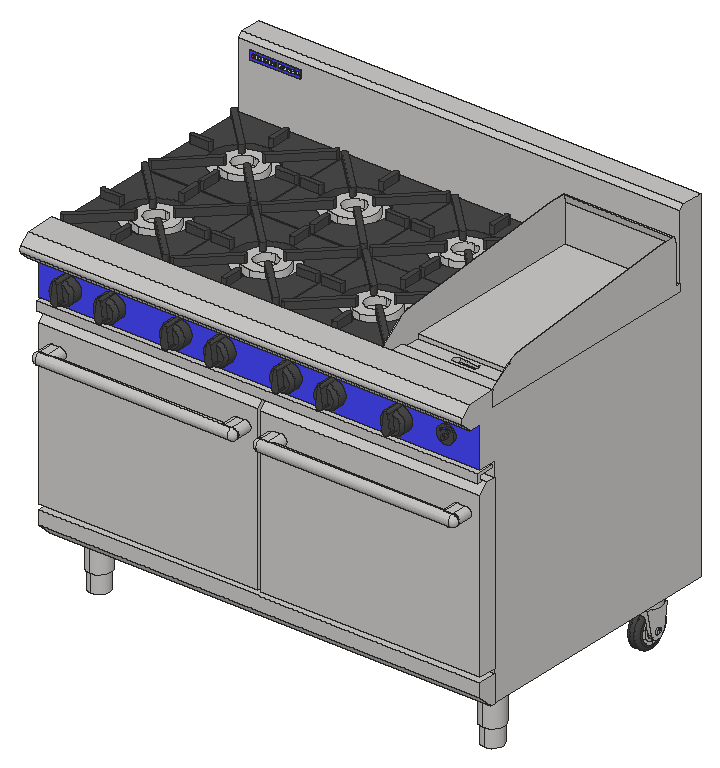
Revit family "QF_MOFFAT_BLUESEAL_CE_G528C", category Specialty Equipment, Revit 2012 (continued)
Definition of nested family "GAS BURNER 900 & GRIDDLE 300"
  Definition of nested family "GAS BURNER 900"
    Lines and regions (mm)
      symbolic lines
        curve 72: arc (4, -321.5, 0) -> (1.879, -322.379, 0) -> (1, -324.5, 0) r 3
        curve 73: line (1, -324.5, 0) -> (1, -632, 0)
        curve 74: arc (1, -632, 0) -> (1.879, -634.121, 0) -> (4, -635, 0) r 3
        curve 75: line (4, -635, 0) -> (296, -635, 0)
        curve 76: arc (296, -635, 0) -> (298.121, -634.121, 0) -> (299, -632, 0) r 3
        curve 77: line (299, -632, 0) -> (299, -324.5, 0)
        curve 78: arc (299, -324.5, 0) -> (298.121, -322.379, 0) -> (296, -321.5, 0) r 3
        curve 79: line (596, -321.5, 0) -> (304, -321.5, 0)
        curve 80: arc (304, -321.5, 0) -> (301.879, -322.379, 0) -> (301, -324.5, 0) r 3
        curve 81: line (301, -324.5, 0) -> (301, -632, 0)
        curve 82: arc (301, -632, 0) -> (301.879, -634.121, 0) -> (304, -635, 0) r 3
        curve 83: line (304, -635, 0) -> (596, -635, 0)
        curve 84: arc (596, -635, 0) -> (598.121, -634.121, 0) -> (599, -632, 0) r 3
        curve 85: line (599, -632, 0) -> (599, -324.5, 0)
        curve 86: arc (599, -324.5, 0) -> (598.121, -322.379, 0) -> (596, -321.5, 0) r 3
        curve 87: line (293.898, -304.847, 0) -> (185.975, -193.424, 0)
        curve 88: spline (185.975, -193.424, 0) -> (184.905, -192.663, 0) -> (183.601, -192.262, 0) -> (182.149, -192.249, 0) -> (180.65, -192.625, 0) -> (179.205, -193.363, 0) -> (177.914, -194.414, 0) -> (176.863, -195.705, 0) -> (176.125, -197.15, 0) -> (175.749, -198.649, 0) -> (175.762, -200.101, 0) -> (176.163, -201.405, 0) -> (176.924, -202.475, 0)
        curve 89: line (176.924, -202.475, 0) -> (284.847, -313.898, 0)
        curve 90: spline (284.847, -313.898, 0) -> (285.916, -314.659, 0) -> (287.221, -315.059, 0) -> (288.672, -315.072, 0) -> (290.171, -314.697, 0) -> (291.616, -313.959, 0) -> (292.908, -312.908, 0) -> (293.959, -311.616, 0) -> (294.697, -310.171, 0) -> (295.072, -308.672, 0) -> (295.059, -307.221, 0) -> (294.659, -305.916, 0) -> (293.898, -304.847, 0)
        curve 91: line (15.153, -313.898, 0) -> (123.076, -202.475, 0)
        curve 92: spline (123.076, -202.475, 0) -> (123.837, -201.405, 0) -> (124.238, -200.101, 0) -> (124.251, -198.649, 0) -> (123.875, -197.15, 0) -> (123.137, -195.705, 0) -> (122.086, -194.414, 0) -> (120.795, -193.363, 0) -> (119.35, -192.625, 0) -> (117.851, -192.249, 0) -> (116.399, -192.262, 0) -> (115.095, -192.663, 0) -> (114.025, -193.424, 0)
        curve 93: line (114.025, -193.424, 0) -> (6.102, -304.847, 0)
        curve 94: spline (6.102, -304.847, 0) -> (5.341, -305.916, 0) -> (4.941, -307.221, 0) -> (4.928, -308.672, 0) -> (5.303, -310.171, 0) -> (6.041, -311.616, 0) -> (7.092, -312.908, 0) -> (8.384, -313.959, 0) -> (9.829, -314.697, 0) -> (11.328, -315.072, 0) -> (12.779, -315.059, 0) -> (14.084, -314.659, 0) -> (15.153, -313.898, 0)
        curve 95: line (8.898, -172.9, 0) -> (58.102, -172.9, 0)
        curve 96: spline (58.102, -172.9, 0) -> (59.396, -172.682, 0) -> (60.602, -172.043, 0) -> (61.638, -171.025, 0) -> (62.432, -169.7, 0) -> (62.932, -168.156, 0) -> (63.102, -166.5, 0) -> (62.932, -164.844, 0) -> (62.432, -163.3, 0) -> (61.638, -161.975, 0) -> (60.602, -160.957, 0) -> (59.396, -160.318, 0) -> (58.102, -160.1, 0)
        curve 97: line (58.102, -160.1, 0) -> (8.898, -160.1, 0)
        curve 98: spline (8.898, -160.1, 0) -> (7.604, -160.318, 0) -> (6.398, -160.957, 0) -> (5.362, -161.975, 0) -> (4.568, -163.3, 0) -> (4.068, -164.844, 0) -> (3.898, -166.5, 0) -> (4.068, -168.156, 0) -> (4.568, -169.7, 0) -> (5.362, -171.025, 0) -> (6.398, -172.043, 0) -> (7.604, -172.682, 0) -> (8.898, -172.9, 0)
        curve 99: line (6.102, -31.653, 0) -> (114.025, -139.576, 0)
        curve 100: spline (114.025, -139.576, 0) -> (115.095, -140.337, 0) -> (116.399, -140.738, 0) -> (117.851, -140.751, 0) -> (119.35, -140.375, 0) -> (120.795, -139.637, 0) -> (122.086, -138.586, 0) -> (123.137, -137.295, 0) -> (123.875, -135.85, 0) -> (124.251, -134.351, 0) -> (124.238, -132.899, 0) -> (123.837, -131.595, 0) -> (123.076, -130.525, 0)
        curve 101: line (123.076, -130.525, 0) -> (15.153, -22.602, 0)
        curve 102: spline (15.153, -22.602, 0) -> (13.924, -21.681, 0) -> (12.47, -21.131, 0) -> (10.89, -20.99, 0) -> (9.292, -21.267, 0) -> (7.786, -21.943, 0) -> (6.473, -22.973, 0) -> (5.443, -24.286, 0) -> (4.767, -25.792, 0) -> (4.49, -27.39, 0) -> (4.631, -28.97, 0) -> (5.181, -30.424, 0) -> (6.102, -31.653, 0)
        curve 103: arc (150, -136.5, 0) -> (180, -166.5, 0) -> (150, -196.5, 0) r 30
        curve 104: arc (150, -196.5, 0) -> (120, -166.5, 0) -> (150, -136.5, 0) r 30
        curve 105: line (156.4, -311.102, 0) -> (156.4, -261.898, 0)
        curve 106: spline (156.4, -261.898, 0) -> (156.182, -260.604, 0) -> (155.543, -259.398, 0) -> (154.525, -258.362, 0) -> (153.2, -257.568, 0) -> (151.656, -257.068, 0) -> (150, -256.898, 0) -> (148.344, -257.068, 0) -> (146.8, -257.568, 0) -> (145.475, -258.362, 0) -> (144.457, -259.398, 0) -> (143.818, -260.604, 0) -> (143.6, -261.898, 0)
        curve 107: line (143.6, -261.898, 0) -> (143.6, -311.102, 0)
        curve 108: spline (143.6, -311.102, 0) -> (143.818, -312.396, 0) -> (144.457, -313.602, 0) -> (145.475, -314.638, 0) -> (146.8, -315.432, 0) -> (148.344, -315.932, 0) -> (150, -316.102, 0) -> (151.656, -315.932, 0) -> (153.2, -315.432, 0) -> (154.525, -314.638, 0) -> (155.543, -313.602, 0) -> (156.182, -312.396, 0) -> (156.4, -311.102, 0)
        curve 109: line (156.4, -378.102, 0) -> (156.4, -328.898, 0)
        curve 110: spline (156.4, -328.898, 0) -> (156.182, -327.604, 0) -> (155.543, -326.398, 0) -> (154.525, -325.362, 0) -> (153.2, -324.568, 0) -> (151.656, -324.068, 0) -> (150, -323.898, 0) -> (148.344, -324.068, 0) -> (146.8, -324.568, 0) -> (145.475, -325.362, 0) -> (144.457, -326.398, 0) -> (143.818, -327.604, 0) -> (143.6, -328.898, 0)
        curve 111: line (143.6, -328.898, 0) -> (143.6, -378.102, 0)
        curve 112: spline (143.6, -378.102, 0) -> (143.818, -379.396, 0) -> (144.457, -380.602, 0) -> (145.475, -381.638, 0) -> (146.8, -382.432, 0) -> (148.344, -382.932, 0) -> (150, -383.102, 0) -> (151.656, -382.932, 0) -> (153.2, -382.432, 0) -> (154.525, -381.638, 0) -> (155.543, -380.602, 0) -> (156.182, -379.396, 0) -> (156.4, -378.102, 0)
        curve 113: line (284.847, -326.102, 0) -> (176.924, -434.025, 0)
        curve 114: spline (176.924, -434.025, 0) -> (176.163, -435.095, 0) -> (175.762, -436.399, 0) -> (175.749, -437.851, 0) -> (176.125, -439.35, 0) -> (176.863, -440.795, 0) -> (177.914, -442.086, 0) -> (179.205, -443.137, 0) -> (180.65, -443.875, 0) -> (182.149, -444.251, 0) -> (183.601, -444.238, 0) -> (184.905, -443.837, 0) -> (185.975, -443.076, 0)
        curve 115: line (185.975, -443.076, 0) -> (293.898, -335.153, 0)
        curve 116: spline (293.898, -335.153, 0) -> (294.659, -334.084, 0) -> (295.059, -332.779, 0) -> (295.072, -331.328, 0) -> (294.697, -329.829, 0) -> (293.959, -328.384, 0) -> (292.908, -327.092, 0) -> (291.616, -326.041, 0) -> (290.171, -325.303, 0) -> (288.672, -324.928, 0) -> (287.221, -324.941, 0) -> (285.916, -325.341, 0) -> (284.847, -326.102, 0)
        curve 117: line (123.076, -434.025, 0) -> (15.153, -326.102, 0)
        curve 118: spline (15.153, -326.102, 0) -> (13.924, -325.181, 0) -> (12.47, -324.631, 0) -> (10.89, -324.49, 0) -> (9.292, -324.767, 0) -> (7.786, -325.443, 0) -> (6.473, -326.473, 0) -> (5.443, -327.786, 0) -> (4.767, -329.292, 0) -> (4.49, -330.89, 0) -> (4.631, -332.47, 0) -> (5.181, -333.924, 0) -> (6.102, -335.153, 0)
        curve 119: line (6.102, -335.153, 0) -> (114.025, -443.076, 0)
        curve 120: spline (114.025, -443.076, 0) -> (115.095, -443.837, 0) -> (116.399, -444.238, 0) -> (117.851, -444.251, 0) -> (119.35, -443.875, 0) -> (120.795, -443.137, 0) -> (122.086, -442.086, 0) -> (123.137, -440.795, 0) -> (123.875, -439.35, 0) -> (124.251, -437.851, 0) -> (124.238, -436.399, 0) -> (123.837, -435.095, 0) -> (123.076, -434.025, 0)
        curve 121: line (58.102, -463.6, 0) -> (8.898, -463.6, 0)
        curve 122: spline (8.898, -463.6, 0) -> (7.604, -463.818, 0) -> (6.398, -464.457, 0) -> (5.362, -465.475, 0) -> (4.568, -466.8, 0) -> (4.068, -468.344, 0) -> (3.898, -470, 0) -> (4.068, -471.656, 0) -> (4.568, -473.2, 0) -> (5.362, -474.525, 0) -> (6.398, -475.543, 0) -> (7.604, -476.182, 0) -> (8.898, -476.4, 0)
        curve 123: line (8.898, -476.4, 0) -> (58.102, -476.4, 0)
        curve 124: spline (58.102, -476.4, 0) -> (59.396, -476.182, 0) -> (60.602, -475.543, 0) -> (61.638, -474.525, 0) -> (62.432, -473.2, 0) -> (62.932, -471.656, 0) -> (63.102, -470, 0) -> (62.932, -468.344, 0) -> (62.432, -466.8, 0) -> (61.638, -465.475, 0) -> (60.602, -464.457, 0) -> (59.396, -463.818, 0) -> (58.102, -463.6, 0)
        curve 125: line (114.025, -496.924, 0) -> (6.102, -603.347, 0)
        curve 126: spline (6.102, -603.347, 0) -> (5.341, -604.416, 0) -> (4.941, -605.721, 0) -> (4.928, -607.172, 0) -> (5.303, -608.671, 0) -> (6.041, -610.116, 0) -> (7.092, -611.408, 0) -> (8.384, -612.459, 0) -> (9.829, -613.197, 0) -> (11.328, -613.572, 0) -> (12.779, -613.559, 0) -> (14.084, -613.159, 0) -> (15.153, -612.398, 0)
        curve 127: line (15.153, -612.398, 0) -> (123.076, -505.975, 0)
        curve 128: spline (123.076, -505.975, 0) -> (123.837, -504.905, 0) -> (124.238, -503.601, 0) -> (124.251, -502.149, 0) -> (123.875, -500.65, 0) -> (123.137, -499.205, 0) -> (122.086, -497.914, 0) -> (120.795, -496.863, 0) -> (119.35, -496.125, 0) -> (117.851, -495.749, 0) -> (116.399, -495.762, 0) -> (115.095, -496.163, 0) -> (114.025, -496.924, 0)
        curve 129: line (156.4, -609.602, 0) -> (156.4, -561.898, 0)
        curve 130: spline (156.4, -561.898, 0) -> (156.182, -560.604, 0) -> (155.543, -559.398, 0) -> (154.525, -558.362, 0) -> (153.2, -557.568, 0) -> (151.656, -557.068, 0) -> (150, -556.898, 0) -> (148.344, -557.068, 0) -> (146.8, -557.568, 0) -> (145.475, -558.362, 0) -> (144.457, -559.398, 0) -> (143.818, -560.604, 0) -> (143.6, -561.898, 0)
        curve 131: line (143.6, -561.898, 0) -> (143.6, -609.602, 0)
        curve 132: spline (143.6, -609.602, 0) -> (143.818, -610.896, 0) -> (144.457, -612.102, 0) -> (145.475, -613.138, 0) -> (146.8, -613.932, 0) -> (148.344, -614.432, 0) -> (150, -614.602, 0) -> (151.656, -614.432, 0) -> (153.2, -613.932, 0) -> (154.525, -613.138, 0) -> (155.543, -612.102, 0) -> (156.182, -610.896, 0) -> (156.4, -609.602, 0)
        curve 133: line (176.924, -505.975, 0) -> (284.847, -612.398, 0)
        curve 134: spline (284.847, -612.398, 0) -> (285.916, -613.159, 0) -> (287.221, -613.559, 0) -> (288.672, -613.572, 0) -> (290.171, -613.197, 0) -> (291.616, -612.459, 0) -> (292.908, -611.408, 0) -> (293.959, -610.116, 0) -> (294.697, -608.671, 0) -> (295.072, -607.172, 0) -> (295.059, -605.721, 0) -> (294.659, -604.416, 0) -> (293.898, -603.347, 0)
        curve 135: line (293.898, -603.347, 0) -> (185.975, -496.924, 0)
        curve 136: spline (185.975, -496.924, 0) -> (184.905, -496.163, 0) -> (183.601, -495.762, 0) -> (182.149, -495.749, 0) -> (180.65, -496.125, 0) -> (179.205, -496.863, 0) -> (177.914, -497.914, 0) -> (176.863, -499.205, 0) -> (176.125, -500.65, 0) -> (175.749, -502.149, 0) -> (175.762, -503.601, 0) -> (176.163, -504.905, 0) -> (176.924, -505.975, 0)
        curve 137: arc (149.991, -384.418, 0) -> (179.687, -389.836, 0) -> (205.556, -405.393, 0) r 84.082
        curve 138: arc (149.991, -552.582, 0) -> (121.173, -547.489, 0) -> (95.845, -532.827, 0) r 84.082
        curve 139: arc (150, -523.5, 0) -> (167.666, -520.693, 0) -> (183.592, -512.55, 0) r 57
        curve 140: arc (150, -409.5, 0) -> (130.014, -413.119, 0) -> (112.566, -423.515, 0) r 57
        curve 141: arc (150, -436.5, 0) -> (180, -466.5, 0) -> (150, -496.5, 0) r 30
        curve 142: arc (150, -496.5, 0) -> (120, -466.5, 0) -> (150, -436.5, 0) r 30
        curve 143: line (291.102, -463.6, 0) -> (241.898, -463.6, 0)
        curve 144: spline (241.898, -463.6, 0) -> (240.604, -463.818, 0) -> (239.398, -464.457, 0) -> (238.362, -465.475, 0) -> (237.568, -466.8, 0) -> (237.068, -468.344, 0) -> (236.898, -470, 0) -> (237.068, -471.656, 0) -> (237.568, -473.2, 0) -> (238.362, -474.525, 0) -> (239.398, -475.543, 0) -> (240.604, -476.182, 0) -> (241.898, -476.4, 0)
        curve 145: line (241.898, -476.4, 0) -> (291.102, -476.4, 0)
        curve 146: spline (291.102, -476.4, 0) -> (292.396, -476.182, 0) -> (293.602, -475.543, 0) -> (294.638, -474.525, 0) -> (295.432, -473.2, 0) -> (295.932, -471.656, 0) -> (296.102, -470, 0) -> (295.932, -468.344, 0) -> (295.432, -466.8, 0) -> (294.638, -465.475, 0) -> (293.602, -464.457, 0) -> (292.396, -463.818, 0) -> (291.102, -463.6, 0)
        curve 147: line (423.076, -434.025, 0) -> (315.153, -326.102, 0)
        curve 148: spline (315.153, -326.102, 0) -> (314.084, -325.341, 0) -> (312.779, -324.941, 0) -> (311.328, -324.928, 0) -> (309.829, -325.303, 0) -> (308.384, -326.041, 0) -> (307.092, -327.092, 0) -> (306.041, -328.384, 0) -> (305.303, -329.829, 0) -> (304.928, -331.328, 0) -> (304.941, -332.779, 0) -> (305.341, -334.084, 0) -> (306.102, -335.153, 0)
        curve 149: line (306.102, -335.153, 0) -> (414.025, -443.076, 0)
        curve 150: spline (414.025, -443.076, 0) -> (415.095, -443.837, 0) -> (416.399, -444.238, 0) -> (417.851, -444.251, 0) -> (419.35, -443.875, 0) -> (420.795, -443.137, 0) -> (422.086, -442.086, 0) -> (423.137, -440.795, 0) -> (423.875, -439.35, 0) -> (424.251, -437.851, 0) -> (424.238, -436.399, 0) -> (423.837, -435.095, 0) -> (423.076, -434.025, 0)
        curve 151: line (443.6, -328.898, 0) -> (443.6, -378.102, 0)
        curve 152: spline (443.6, -378.102, 0) -> (443.818, -379.396, 0) -> (444.457, -380.602, 0) -> (445.475, -381.638, 0) -> (446.8, -382.432, 0) -> (448.344, -382.932, 0) -> (450, -383.102, 0) -> (451.656, -382.932, 0) -> (453.2, -382.432, 0) -> (454.525, -381.638, 0) -> (455.543, -380.602, 0) -> (456.182, -379.396, 0) -> (456.4, -378.102, 0)
        curve 153: line (456.4, -378.102, 0) -> (456.4, -328.898, 0)
        curve 154: spline (456.4, -328.898, 0) -> (456.182, -327.604, 0) -> (455.543, -326.398, 0) -> (454.525, -325.362, 0) -> (453.2, -324.568, 0) -> (451.656, -324.068, 0) -> (450, -323.898, 0) -> (448.344, -324.068, 0) -> (446.8, -324.568, 0) -> (445.475, -325.362, 0) -> (444.457, -326.398, 0) -> (443.818, -327.604, 0) -> (443.6, -328.898, 0)
        curve 155: line (584.847, -326.102, 0) -> (476.924, -434.025, 0)
        curve 156: spline (476.924, -434.025, 0) -> (476.163, -435.095, 0) -> (475.762, -436.399, 0) -> (475.749, -437.851, 0) -> (476.125, -439.35, 0) -> (476.863, -440.795, 0) -> (477.914, -442.086, 0) -> (479.205, -443.137, 0) -> (480.65, -443.875, 0) -> (482.149, -444.251, 0) -> (483.601, -444.238, 0) -> (484.905, -443.837, 0) -> (485.975, -443.076, 0)
        curve 157: line (485.975, -443.076, 0) -> (593.898, -335.153, 0)
        curve 158: spline (593.898, -335.153, 0) -> (594.819, -333.924, 0) -> (595.369, -332.47, 0) -> (595.51, -330.89, 0) -> (595.233, -329.292, 0) -> (594.557, -327.786, 0) -> (593.527, -326.473, 0) -> (592.214, -325.443, 0) -> (590.708, -324.767, 0) -> (589.11, -324.49, 0) -> (587.53, -324.631, 0) -> (586.076, -325.181, 0) -> (584.847, -326.102, 0)
        curve 159: line (591.102, -463.6, 0) -> (541.898, -463.6, 0)
        curve 160: spline (541.898, -463.6, 0) -> (540.604, -463.818, 0) -> (539.398, -464.457, 0) -> (538.362, -465.475, 0) -> (537.568, -466.8, 0) -> (537.068, -468.344, 0) -> (536.898, -470, 0) -> (537.068, -471.656, 0) -> (537.568, -473.2, 0) -> (538.362, -474.525, 0) -> (539.398, -475.543, 0) -> (540.604, -476.182, 0) -> (541.898, -476.4, 0)
        curve 161: line (541.898, -476.4, 0) -> (591.102, -476.4, 0)
        curve 162: spline (591.102, -476.4, 0) -> (592.396, -476.182, 0) -> (593.602, -475.543, 0) -> (594.638, -474.525, 0) -> (595.432, -473.2, 0) -> (595.932, -471.656, 0) -> (596.102, -470, 0) -> (595.932, -468.344, 0) -> (595.432, -466.8, 0) -> (594.638, -465.475, 0) -> (593.602, -464.457, 0) -> (592.396, -463.818, 0) -> (591.102, -463.6, 0)
        curve 163: line (593.898, -603.347, 0) -> (485.975, -496.924, 0)
        curve 164: spline (485.975, -496.924, 0) -> (484.905, -496.163, 0) -> (483.601, -495.762, 0) -> (482.149, -495.749, 0) -> (480.65, -496.125, 0) -> (479.205, -496.863, 0) -> (477.914, -497.914, 0) -> (476.863, -499.205, 0) -> (476.125, -500.65, 0) -> (475.749, -502.149, 0) -> (475.762, -503.601, 0) -> (476.163, -504.905, 0) -> (476.924, -505.975, 0)
        curve 165: line (476.924, -505.975, 0) -> (584.847, -612.398, 0)
        curve 166: spline (584.847, -612.398, 0) -> (585.916, -613.159, 0) -> (587.221, -613.559, 0) -> (588.672, -613.572, 0) -> (590.171, -613.197, 0) -> (591.616, -612.459, 0) -> (592.908, -611.408, 0) -> (593.959, -610.116, 0) -> (594.697, -608.671, 0) -> (595.072, -607.172, 0) -> (595.059, -605.721, 0) -> (594.659, -604.416, 0) -> (593.898, -603.347, 0)
        curve 167: line (315.153, -612.398, 0) -> (423.076, -505.975, 0)
        curve 168: spline (423.076, -505.975, 0) -> (423.837, -504.905, 0) -> (424.238, -503.601, 0) -> (424.251, -502.149, 0) -> (423.875, -500.65, 0) -> (423.137, -499.205, 0) -> (422.086, -497.914, 0) -> (420.795, -496.863, 0) -> (419.35, -496.125, 0) -> (417.851, -495.749, 0) -> (416.399, -495.762, 0) -> (415.095, -496.163, 0) -> (414.025, -496.924, 0)
        curve 169: line (414.025, -496.924, 0) -> (306.102, -603.347, 0)
        curve 170: spline (306.102, -603.347, 0) -> (305.341, -604.416, 0) -> (304.941, -605.721, 0) -> (304.928, -607.172, 0) -> (305.303, -608.671, 0) -> (306.041, -610.116, 0) -> (307.092, -611.408, 0) -> (308.384, -612.459, 0) -> (309.829, -613.197, 0) -> (311.328, -613.572, 0) -> (312.779, -613.559, 0) -> (314.084, -613.159, 0) -> (315.153, -612.398, 0)
        curve 171: line (308.898, -476.4, 0) -> (358.102, -476.4, 0)
        curve 172: spline (358.102, -476.4, 0) -> (359.396, -476.182, 0) -> (360.602, -475.543, 0) -> (361.638, -474.525, 0) -> (362.432, -473.2, 0) -> (362.932, -471.656, 0) -> (363.102, -470, 0) -> (362.932, -468.344, 0) -> (362.432, -466.8, 0) -> (361.638, -465.475, 0) -> (360.602, -464.457, 0) -> (359.396, -463.818, 0) -> (358.102, -463.6, 0)
        curve 173: line (358.102, -463.6, 0) -> (308.898, -463.6, 0)
        curve 174: spline (308.898, -463.6, 0) -> (307.604, -463.818, 0) -> (306.398, -464.457, 0) -> (305.362, -465.475, 0) -> (304.568, -466.8, 0) -> (304.068, -468.344, 0) -> (303.898, -470, 0) -> (304.068, -471.656, 0) -> (304.568, -473.2, 0) -> (305.362, -474.525, 0) -> (306.398, -475.543, 0) -> (307.604, -476.182, 0) -> (308.898, -476.4, 0)
        curve 175: line (456.4, -609.602, 0) -> (456.4, -561.898, 0)
        curve 176: spline (456.4, -561.898, 0) -> (456.182, -560.604, 0) -> (455.543, -559.398, 0) -> (454.525, -558.362, 0) -> (453.2, -557.568, 0) -> (451.656, -557.068, 0) -> (450, -556.898, 0) -> (448.344, -557.068, 0) -> (446.8, -557.568, 0) -> (445.475, -558.362, 0) -> (444.457, -559.398, 0) -> (443.818, -560.604, 0) -> (443.6, -561.898, 0)
        curve 177: line (443.6, -561.898, 0) -> (443.6, -609.602, 0)
        curve 178: spline (443.6, -609.602, 0) -> (443.818, -610.896, 0) -> (444.457, -612.102, 0) -> (445.475, -613.138, 0) -> (446.8, -613.932, 0) -> (448.344, -614.432, 0) -> (450, -614.602, 0) -> (451.656, -614.432, 0) -> (453.2, -613.932, 0) -> (454.525, -613.138, 0) -> (455.543, -612.102, 0) -> (456.182, -610.896, 0) -> (456.4, -609.602, 0)
        curve 179: arc (450.009, -384.418, 0) -> (479.699, -389.834, 0) -> (505.564, -405.385, 0) r 84.082
        curve 180: arc (450.009, -552.582, 0) -> (417.885, -546.204, 0) -> (390.635, -528.036, 0) r 84.082
        curve 181: arc (450, -523.5, 0) -> (467.666, -520.693, 0) -> (483.592, -512.55, 0) r 57
        curve 182: arc (450, -409.5, 0) -> (430.014, -413.119, 0) -> (412.566, -423.515, 0) r 57
        curve 183: arc (450, -436.5, 0) -> (480, -466.5, 0) -> (450, -496.5, 0) r 30
        curve 184: arc (450, -496.5, 0) -> (420, -466.5, 0) -> (450, -436.5, 0) r 30
        curve 185: arc (96.324, -103.773, 0) -> (121.466, -89.404, 0) -> (149.991, -84.418, 0) r 84.082
        curve 186: arc (212.871, -112.68, 0) -> (234.066, -167.408, 0) -> (214.3, -222.668, 0) r 84.082
        curve 187: arc (194.454, -202.178, 0) -> (207, -166.598, 0) -> (194.576, -130.975, 0) r 57
        curve 188: arc (114.628, -211.197, 0) -> (131.275, -220.336, 0) -> (150, -223.5, 0) r 57
        curve 189: arc (405.424, -130.975, 0) -> (393, -166.598, 0) -> (405.546, -202.178, 0) r 57
        curve 190: arc (485.525, -121.924, 0) -> (468.817, -112.696, 0) -> (450, -109.5, 0) r 57
        curve 191: arc (494.454, -202.178, 0) -> (507, -166.598, 0) -> (494.576, -130.975, 0) r 57
        curve 192: arc (414.628, -211.197, 0) -> (431.275, -220.336, 0) -> (450, -223.5, 0) r 57
        curve 193: arc (105.424, -130.975, 0) -> (93, -166.598, 0) -> (105.546, -202.178, 0) r 57
        curve 194: arc (514.501, -414.55, 0) -> (534.086, -469.429, 0) -> (513.293, -523.862, 0) r 84.082
        curve 195: arc (504.155, -532.827, 0) -> (478.827, -547.489, 0) -> (450.009, -552.582, 0) r 84.082
        curve 196: arc (493.031, -503.881, 0) -> (506.947, -468.956, 0) -> (496.089, -432.962, 0) r 57
        curve 197: arc (416.408, -512.55, 0) -> (432.334, -520.693, 0) -> (450, -523.5, 0) r 57
        curve 198: arc (403.911, -432.962, 0) -> (393.053, -468.956, 0) -> (406.969, -503.881, 0) r 57
        curve 199: arc (487.434, -423.515, 0) -> (469.986, -413.119, 0) -> (450, -409.5, 0) r 57
        curve 200: arc (187.434, -423.515, 0) -> (169.986, -413.119, 0) -> (150, -409.5, 0) r 57
        curve 201: arc (103.911, -432.962, 0) -> (93.053, -468.956, 0) -> (106.969, -503.881, 0) r 57
        curve 202: arc (109.732, -506.842, 0) -> (110.614, -507.704, 0) -> (111.516, -508.547, 0) r 57
        curve 203: arc (193.031, -503.881, 0) -> (206.947, -468.956, 0) -> (196.089, -432.962, 0) r 57
        curve 204: arc (214.491, -414.56, 0) -> (234.068, -469.429, 0) -> (213.283, -523.853, 0) r 84.082
        curve 205: arc (94.436, -405.385, 0) -> (120.301, -389.834, 0) -> (149.991, -384.418, 0) r 84.082
        curve 206: arc (86.707, -523.862, 0) -> (65.914, -469.429, 0) -> (85.499, -414.55, 0) r 84.082
        curve 207: arc (116.408, -512.55, 0) -> (132.334, -520.693, 0) -> (150, -523.5, 0) r 57
        curve 208: arc (204.147, -532.819, 0) -> (178.816, -547.487, 0) -> (149.991, -552.582, 0) r 84.082
        curve 209: arc (394.444, -405.393, 0) -> (420.313, -389.836, 0) -> (450.009, -384.418, 0) r 84.082
        curve 210: arc (390.635, -528.036, 0) -> (366.012, -472.294, 0) -> (385.509, -414.56, 0) r 84.082
        curve 211: arc (185.525, -121.924, 0) -> (168.817, -112.696, 0) -> (150, -109.5, 0) r 57
        curve 212: arc (396.332, -103.781, 0) -> (421.477, -89.406, 0) -> (450.009, -84.418, 0) r 84.082
        curve 213: arc (512.881, -112.67, 0) -> (534.084, -167.408, 0) -> (514.31, -222.678, 0) r 84.082
        curve 214: arc (505.339, -231.812, 0) -> (479.559, -247.219, 0) -> (450.009, -252.582, 0) r 84.082
        curve 215: arc (385.7, -222.668, 0) -> (365.934, -167.408, 0) -> (387.129, -112.68, 0) r 84.082
        curve 216: arc (205.331, -231.803, 0) -> (179.547, -247.216, 0) -> (149.991, -252.582, 0) r 84.082
        curve 217: arc (85.69, -222.678, 0) -> (65.916, -167.408, 0) -> (87.119, -112.67, 0) r 84.082
        curve 218: spline (724.076, -130.525, 0) -> (724.837, -131.595, 0) -> (725.238, -132.899, 0) -> (725.251, -134.351, 0) -> (724.875, -135.85, 0) -> (724.137, -137.295, 0) -> (723.086, -138.586, 0) -> (721.795, -139.637, 0) -> (720.35, -140.375, 0) -> (718.851, -140.751, 0) -> (717.399, -140.738, 0) -> (716.095, -140.337, 0) -> (715.025, -139.576, 0)
        curve 219: spline (659.102, -160.1, 0) -> (660.396, -160.318, 0) -> (661.602, -160.957, 0) -> (662.638, -161.975, 0) -> (663.432, -163.3, 0) -> (663.932, -164.844, 0) -> (664.102, -166.5, 0) -> (663.932, -168.156, 0) -> (663.432, -169.7, 0) -> (662.638, -171.025, 0) -> (661.602, -172.043, 0) -> (660.396, -172.682, 0) -> (659.102, -172.9, 0)
        curve 220: arc (751, -223.5, 0) -> (732.275, -220.336, 0) -> (715.628, -211.197, 0) r 57
        curve 221: arc (751, -109.5, 0) -> (769.817, -112.696, 0) -> (786.525, -121.924, 0) r 57
        curve 222: arc (751.009, -84.418, 0) -> (722.477, -89.406, 0) -> (697.332, -103.781, 0) r 84.082
        curve 223: arc (751.009, -252.582, 0) -> (780.559, -247.219, 0) -> (806.339, -231.812, 0) r 84.082
        curve 224: line (744.6, -74.602, 0) -> (744.6, -25.398, 0)
        curve 225: spline (744.6, -25.398, 0) -> (744.818, -24.104, 0) -> (745.457, -22.898, 0) -> (746.475, -21.862, 0) -> (747.8, -21.068, 0) -> (749.344, -20.568, 0) -> (751, -20.398, 0) -> (752.656, -20.568, 0) -> (754.2, -21.068, 0) -> (755.525, -21.862, 0) -> (756.543, -22.898, 0) -> (757.182, -24.104, 0) -> (757.4, -25.398, 0)
        curve 226: line (757.4, -25.398, 0) -> (757.4, -74.602, 0)
        curve 227: spline (757.4, -74.602, 0) -> (757.182, -75.896, 0) -> (756.543, -77.102, 0) -> (755.525, -78.138, 0) -> (754.2, -78.932, 0) -> (752.656, -79.432, 0) -> (751, -79.602, 0) -> (749.344, -79.432, 0) -> (747.8, -78.932, 0) -> (746.475, -78.138, 0) -> (745.457, -77.102, 0) -> (744.818, -75.896, 0) -> (744.6, -74.602, 0)
        curve 228: arc (897, 0, 0) -> (899.121, -0.879, 0) -> (900, -3, 0) r 3
        curve 229: line (900, -3, 0) -> (900, -315.5, 0)
        curve 230: arc (900, -315.5, 0) -> (899.121, -317.621, 0) -> (897, -318.5, 0) r 3
        curve 231: arc (897, -321.5, 0) -> (899.121, -322.379, 0) -> (900, -324.5, 0) r 3
        curve 232: line (900, -324.5, 0) -> (900, -632, 0)
        curve 233: arc (900, -632, 0) -> (899.121, -634.121, 0) -> (897, -635, 0) r 3
        curve 234: spline (715.025, -193.424, 0) -> (716.095, -192.663, 0) -> (717.399, -192.262, 0) -> (718.851, -192.249, 0) -> (720.35, -192.625, 0) -> (721.795, -193.363, 0) -> (723.086, -194.414, 0) -> (724.137, -195.705, 0) -> (724.875, -197.15, 0) -> (725.251, -198.649, 0) -> (725.238, -200.101, 0) -> (724.837, -201.405, 0) -> (724.076, -202.475, 0)
        curve 235: line (885.847, -313.898, 0) -> (777.924, -202.475, 0)
        curve 236: spline (777.924, -202.475, 0) -> (777.163, -201.405, 0) -> (776.762, -200.101, 0) -> (776.749, -198.649, 0) -> (777.125, -197.15, 0) -> (777.863, -195.705, 0) -> (778.914, -194.414, 0) -> (780.205, -193.363, 0) -> (781.65, -192.625, 0) -> (783.149, -192.249, 0) -> (784.601, -192.262, 0) -> (785.905, -192.663, 0) -> (786.975, -193.424, 0)
        curve 237: line (786.975, -193.424, 0) -> (894.898, -304.847, 0)
        curve 238: spline (894.898, -304.847, 0) -> (895.659, -305.916, 0) -> (896.059, -307.221, 0) -> (896.072, -308.672, 0) -> (895.697, -310.171, 0) -> (894.959, -311.616, 0) -> (893.908, -312.908, 0) -> (892.616, -313.959, 0) -> (891.171, -314.697, 0) -> (889.672, -315.072, 0) -> (888.221, -315.059, 0) -> (886.916, -314.659, 0) -> (885.847, -313.898, 0)
        curve 239: line (892.102, -172.9, 0) -> (842.898, -172.9, 0)
        curve 240: spline (842.898, -172.9, 0) -> (841.604, -172.682, 0) -> (840.398, -172.043, 0) -> (839.362, -171.025, 0) -> (838.568, -169.7, 0) -> (838.068, -168.156, 0) -> (837.898, -166.5, 0) -> (838.068, -164.844, 0) -> (838.568, -163.3, 0) -> (839.362, -161.975, 0) -> (840.398, -160.957, 0) -> (841.604, -160.318, 0) -> (842.898, -160.1, 0)
        curve 241: line (842.898, -160.1, 0) -> (892.102, -160.1, 0)
        curve 242: spline (892.102, -160.1, 0) -> (893.396, -160.318, 0) -> (894.602, -160.957, 0) -> (895.638, -161.975, 0) -> (896.432, -163.3, 0) -> (896.932, -164.844, 0) -> (897.102, -166.5, 0) -> (896.932, -168.156, 0) -> (896.432, -169.7, 0) -> (895.638, -171.025, 0) -> (894.602, -172.043, 0) -> (893.396, -172.682, 0) -> (892.102, -172.9, 0)
        curve 243: line (894.898, -31.653, 0) -> (786.975, -139.576, 0)
        curve 244: spline (786.975, -139.576, 0) -> (785.905, -140.337, 0) -> (784.601, -140.738, 0) -> (783.149, -140.751, 0) -> (781.65, -140.375, 0) -> (780.205, -139.637, 0) -> (778.914, -138.586, 0) -> (777.863, -137.295, 0) -> (777.125, -135.85, 0) -> (776.749, -134.351, 0) -> (776.762, -132.899, 0) -> (777.163, -131.595, 0) -> (777.924, -130.525, 0)
        curve 245: line (777.924, -130.525, 0) -> (885.847, -22.602, 0)
        curve 246: spline (885.847, -22.602, 0) -> (887.076, -21.681, 0) -> (888.53, -21.131, 0) -> (890.11, -20.99, 0) -> (891.708, -21.267, 0) -> (893.214, -21.943, 0) -> (894.527, -22.973, 0) -> (895.557, -24.286, 0) -> (896.233, -25.792, 0) -> (896.51, -27.39, 0) -> (896.369, -28.97, 0) -> (895.819, -30.424, 0) -> (894.898, -31.653, 0)
        curve 247: arc (751, -136.5, 0) -> (721, -166.5, 0) -> (751, -196.5, 0) r 30
        curve 248: arc (751, -196.5, 0) -> (781, -166.5, 0) -> (751, -136.5, 0) r 30
        curve 249: line (744.6, -311.102, 0) -> (744.6, -261.898, 0)
        curve 250: spline (744.6, -261.898, 0) -> (744.818, -260.604, 0) -> (745.457, -259.398, 0) -> (746.475, -258.362, 0) -> (747.8, -257.568, 0) -> (749.344, -257.068, 0) -> (751, -256.898, 0) -> (752.656, -257.068, 0) -> (754.2, -257.568, 0) -> (755.525, -258.362, 0) -> (756.543, -259.398, 0) -> (757.182, -260.604, 0) -> (757.4, -261.898, 0)
        curve 251: line (757.4, -261.898, 0) -> (757.4, -311.102, 0)
        curve 252: spline (757.4, -311.102, 0) -> (757.182, -312.396, 0) -> (756.543, -313.602, 0) -> (755.525, -314.638, 0) -> (754.2, -315.432, 0) -> (752.656, -315.932, 0) -> (751, -316.102, 0) -> (749.344, -315.932, 0) -> (747.8, -315.432, 0) -> (746.475, -314.638, 0) -> (745.457, -313.602, 0) -> (744.818, -312.396, 0) -> (744.6, -311.102, 0)
        curve 253: line (744.6, -378.102, 0) -> (744.6, -328.898, 0)
        curve 254: spline (744.6, -328.898, 0) -> (744.818, -327.604, 0) -> (745.457, -326.398, 0) -> (746.475, -325.362, 0) -> (747.8, -324.568, 0) -> (749.344, -324.068, 0) -> (751, -323.898, 0) -> (752.656, -324.068, 0) -> (754.2, -324.568, 0) -> (755.525, -325.362, 0) -> (756.543, -326.398, 0) -> (757.182, -327.604, 0) -> (757.4, -328.898, 0)
        curve 255: line (757.4, -328.898, 0) -> (757.4, -378.102, 0)
        curve 256: spline (757.4, -378.102, 0) -> (757.182, -379.396, 0) -> (756.543, -380.602, 0) -> (755.525, -381.638, 0) -> (754.2, -382.432, 0) -> (752.656, -382.932, 0) -> (751, -383.102, 0) -> (749.344, -382.932, 0) -> (747.8, -382.432, 0) -> (746.475, -381.638, 0) -> (745.457, -380.602, 0) -> (744.818, -379.396, 0) -> (744.6, -378.102, 0)
        curve 257: spline (724.076, -434.025, 0) -> (724.837, -435.095, 0) -> (725.238, -436.399, 0) -> (725.251, -437.851, 0) -> (724.875, -439.35, 0) -> (724.137, -440.795, 0) -> (723.086, -442.086, 0) -> (721.795, -443.137, 0) -> (720.35, -443.875, 0) -> (718.851, -444.251, 0) -> (717.399, -444.238, 0) -> (716.095, -443.837, 0) -> (715.025, -443.076, 0)
        curve 258: line (777.924, -434.025, 0) -> (885.847, -326.102, 0)
        curve 259: spline (885.847, -326.102, 0) -> (887.076, -325.181, 0) -> (888.53, -324.631, 0) -> (890.11, -324.49, 0) -> (891.708, -324.767, 0) -> (893.214, -325.443, 0) -> (894.527, -326.473, 0) -> (895.557, -327.786, 0) -> (896.233, -329.292, 0) -> (896.51, -330.89, 0) -> (896.369, -332.47, 0) -> (895.819, -333.924, 0) -> (894.898, -335.153, 0)
        curve 260: line (894.898, -335.153, 0) -> (786.975, -443.076, 0)
        curve 261: spline (786.975, -443.076, 0) -> (785.905, -443.837, 0) -> (784.601, -444.238, 0) -> (783.149, -444.251, 0) -> (781.65, -443.875, 0) -> (780.205, -443.137, 0) -> (778.914, -442.086, 0) -> (777.863, -440.795, 0) -> (777.125, -439.35, 0) -> (776.749, -437.851, 0) -> (776.762, -436.399, 0) -> (777.163, -435.095, 0) -> (777.924, -434.025, 0)
        curve 262: line (842.898, -463.6, 0) -> (892.102, -463.6, 0)
        curve 263: spline (892.102, -463.6, 0) -> (893.396, -463.818, 0) -> (894.602, -464.457, 0) -> (895.638, -465.475, 0) -> (896.432, -466.8, 0) -> (896.932, -468.344, 0) -> (897.102, -470, 0) -> (896.932, -471.656, 0) -> (896.432, -473.2, 0) -> (895.638, -474.525, 0) -> (894.602, -475.543, 0) -> (893.396, -476.182, 0) -> (892.102, -476.4, 0)
        curve 264: line (892.102, -476.4, 0) -> (842.898, -476.4, 0)
        curve 265: spline (842.898, -476.4, 0) -> (841.604, -476.182, 0) -> (840.398, -475.543, 0) -> (839.362, -474.525, 0) -> (838.568, -473.2, 0) -> (838.068, -471.656, 0) -> (837.898, -470, 0) -> (838.068, -468.344, 0) -> (838.568, -466.8, 0) -> (839.362, -465.475, 0) -> (840.398, -464.457, 0) -> (841.604, -463.818, 0) -> (842.898, -463.6, 0)
        curve 266: line (786.975, -496.924, 0) -> (894.898, -603.347, 0)
        curve 267: spline (894.898, -603.347, 0) -> (895.659, -604.416, 0) -> (896.059, -605.721, 0) -> (896.072, -607.172, 0) -> (895.697, -608.671, 0) -> (894.959, -610.116, 0) -> (893.908, -611.408, 0) -> (892.616, -612.459, 0) -> (891.171, -613.197, 0) -> (889.672, -613.572, 0) -> (888.221, -613.559, 0) -> (886.916, -613.159, 0) -> (885.847, -612.398, 0)
        curve 268: line (885.847, -612.398, 0) -> (777.924, -505.975, 0)
        curve 269: spline (777.924, -505.975, 0) -> (777.163, -504.905, 0) -> (776.762, -503.601, 0) -> (776.749, -502.149, 0) -> (777.125, -500.65, 0) -> (777.863, -499.205, 0) -> (778.914, -497.914, 0) -> (780.205, -496.863, 0) -> (781.65, -496.125, 0) -> (783.149, -495.749, 0) -> (784.601, -495.762, 0) -> (785.905, -496.163, 0) -> (786.975, -496.924, 0)
        curve 270: line (744.6, -609.602, 0) -> (744.6, -561.898, 0)
        curve 271: spline (744.6, -561.898, 0) -> (744.818, -560.604, 0) -> (745.457, -559.398, 0) -> (746.475, -558.362, 0) -> (747.8, -557.568, 0) -> (749.344, -557.068, 0) -> (751, -556.898, 0) -> (752.656, -557.068, 0) -> (754.2, -557.568, 0) -> (755.525, -558.362, 0) -> (756.543, -559.398, 0) -> (757.182, -560.604, 0) -> (757.4, -561.898, 0)
        curve 272: line (757.4, -561.898, 0) -> (757.4, -609.602, 0)
        curve 273: spline (757.4, -609.602, 0) -> (757.182, -610.896, 0) -> (756.543, -612.102, 0) -> (755.525, -613.138, 0) -> (754.2, -613.932, 0) -> (752.656, -614.432, 0) -> (751, -614.602, 0) -> (749.344, -614.432, 0) -> (747.8, -613.932, 0) -> (746.475, -613.138, 0) -> (745.457, -612.102, 0) -> (744.818, -610.896, 0) -> (744.6, -609.602, 0)
        curve 274: spline (715.025, -496.924, 0) -> (716.095, -496.163, 0) -> (717.399, -495.762, 0) -> (718.851, -495.749, 0) -> (720.35, -496.125, 0) -> (721.795, -496.863, 0) -> (723.086, -497.914, 0) -> (724.137, -499.205, 0) -> (724.875, -500.65, 0) -> (725.251, -502.149, 0) -> (725.238, -503.601, 0) -> (724.837, -504.905, 0) -> (724.076, -505.975, 0)
        curve 275: arc (751.009, -384.418, 0) -> (721.313, -389.836, 0) -> (695.444, -405.393, 0) r 84.082
        curve 276: arc (751.009, -552.582, 0) -> (779.827, -547.489, 0) -> (805.155, -532.827, 0) r 84.082
        curve 277: arc (751, -523.5, 0) -> (733.334, -520.693, 0) -> (717.408, -512.55, 0) r 57
        curve 278: arc (751, -409.5, 0) -> (770.986, -413.119, 0) -> (788.434, -423.515, 0) r 57
        curve 279: arc (751, -436.5, 0) -> (721, -466.5, 0) -> (751, -496.5, 0) r 30
        curve 280: arc (751, -496.5, 0) -> (781, -466.5, 0) -> (751, -436.5, 0) r 30
        curve 281: spline (659.102, -463.6, 0) -> (660.396, -463.818, 0) -> (661.602, -464.457, 0) -> (662.638, -465.475, 0) -> (663.432, -466.8, 0) -> (663.932, -468.344, 0) -> (664.102, -470, 0) -> (663.932, -471.656, 0) -> (663.432, -473.2, 0) -> (662.638, -474.525, 0) -> (661.602, -475.543, 0) -> (660.396, -476.182, 0) -> (659.102, -476.4, 0)
        curve 282: arc (804.676, -103.773, 0) -> (779.534, -89.404, 0) -> (751.009, -84.418, 0) r 84.082
        curve 283: arc (688.129, -112.68, 0) -> (666.934, -167.408, 0) -> (686.7, -222.668, 0) r 84.082
        curve 284: arc (706.546, -202.178, 0) -> (694, -166.598, 0) -> (706.424, -130.975, 0) r 57
        curve 285: arc (786.372, -211.197, 0) -> (769.725, -220.336, 0) -> (751, -223.5, 0) r 57
        curve 286: arc (795.576, -130.975, 0) -> (808, -166.598, 0) -> (795.454, -202.178, 0) r 57
        curve 287: arc (713.566, -423.515, 0) -> (731.014, -413.119, 0) -> (751, -409.5, 0) r 57
        curve 288: arc (797.089, -432.962, 0) -> (807.947, -468.956, 0) -> (794.031, -503.881, 0) r 57
        curve 289: arc (791.268, -506.842, 0) -> (790.386, -507.704, 0) -> (789.484, -508.547, 0) r 57
        curve 290: arc (707.969, -503.881, 0) -> (694.053, -468.956, 0) -> (704.911, -432.962, 0) r 57
        curve 291: arc (686.509, -414.56, 0) -> (666.932, -469.429, 0) -> (687.717, -523.853, 0) r 84.082
        curve 292: arc (806.564, -405.385, 0) -> (780.699, -389.834, 0) -> (751.009, -384.418, 0) r 84.082
        curve 293: arc (814.293, -523.862, 0) -> (835.086, -469.429, 0) -> (815.501, -414.55, 0) r 84.082
        curve 294: arc (784.592, -512.55, 0) -> (768.666, -520.693, 0) -> (751, -523.5, 0) r 57
        curve 295: arc (696.853, -532.819, 0) -> (722.184, -547.487, 0) -> (751.009, -552.582, 0) r 84.082
        curve 296: arc (715.475, -121.924, 0) -> (732.183, -112.696, 0) -> (751, -109.5, 0) r 57
        curve 297: arc (695.669, -231.803, 0) -> (721.453, -247.216, 0) -> (751.009, -252.582, 0) r 84.082
        curve 298: arc (815.31, -222.678, 0) -> (835.084, -167.408, 0) -> (813.881, -112.67, 0) r 84.082
        curve 299: line (616.153, -612.398, 0) -> (724.076, -505.975, 0)
        curve 300: line (715.025, -496.924, 0) -> (607.102, -603.347, 0)
        curve 301: spline (607.102, -603.347, 0) -> (606.341, -604.416, 0) -> (605.941, -605.721, 0) -> (605.928, -607.172, 0) -> (606.303, -608.671, 0) -> (607.041, -610.116, 0) -> (608.092, -611.408, 0) -> (609.384, -612.459, 0) -> (610.829, -613.197, 0) -> (612.328, -613.572, 0) -> (613.779, -613.559, 0) -> (615.084, -613.159, 0) -> (616.153, -612.398, 0)
        curve 302: line (602, -324.5, 0) -> (602, -632, 0)
        curve 303: arc (602, -632, 0) -> (602.879, -634.121, 0) -> (605, -635, 0) r 3
        curve 304: line (605, -635, 0) -> (897, -635, 0)
        curve 305: arc (897, -635, 0) -> (899.121, -634.121, 0) -> (900, -632, 0) r 3
        curve 306: line (900, -632, 0) -> (900, -324.5, 0)
        curve 307: arc (900, -324.5, 0) -> (899.121, -322.379, 0) -> (897, -321.5, 0) r 3
        curve 308: line (897, -321.5, 0) -> (605, -321.5, 0)
        curve 309: arc (605, -321.5, 0) -> (602.879, -322.379, 0) -> (602, -324.5, 0) r 3
        curve 310: line (609.898, -476.4, 0) -> (659.102, -476.4, 0)
        curve 311: line (659.102, -463.6, 0) -> (609.898, -463.6, 0)
        curve 312: spline (609.898, -463.6, 0) -> (608.604, -463.818, 0) -> (607.398, -464.457, 0) -> (606.362, -465.475, 0) -> (605.568, -466.8, 0) -> (605.068, -468.344, 0) -> (604.898, -470, 0) -> (605.068, -471.656, 0) -> (605.568, -473.2, 0) -> (606.362, -474.525, 0) -> (607.398, -475.543, 0) -> (608.604, -476.182, 0) -> (609.898, -476.4, 0)
        curve 313: line (607.102, -335.153, 0) -> (715.025, -443.076, 0)
        curve 314: line (724.076, -434.025, 0) -> (616.153, -326.102, 0)
        curve 315: spline (616.153, -326.102, 0) -> (615.084, -325.341, 0) -> (613.779, -324.941, 0) -> (612.328, -324.928, 0) -> (610.829, -325.303, 0) -> (609.384, -326.041, 0) -> (608.092, -327.092, 0) -> (607.041, -328.384, 0) -> (606.303, -329.829, 0) -> (605.928, -331.328, 0) -> (605.941, -332.779, 0) -> (606.341, -334.084, 0) -> (607.102, -335.153, 0)
        curve 316: line (616.153, -313.898, 0) -> (724.076, -202.475, 0)
        curve 317: spline (607.102, -304.847, 0) -> (606.341, -305.916, 0) -> (605.941, -307.221, 0) -> (605.928, -308.672, 0) -> (606.303, -310.171, 0) -> (607.041, -311.616, 0) -> (608.092, -312.908, 0) -> (609.384, -313.959, 0) -> (610.829, -314.697, 0) -> (612.328, -315.072, 0) -> (613.779, -315.059, 0) -> (615.084, -314.659, 0) -> (616.153, -313.898, 0)
        curve 318: line (715.025, -193.424, 0) -> (607.102, -304.847, 0)
        curve 319: line (605, -318.5, 0) -> (897, -318.5, 0)
        curve 320: arc (602, -315.5, 0) -> (602.879, -317.621, 0) -> (605, -318.5, 0) r 3
        curve 321: line (602, -3, 0) -> (602, -315.5, 0)
        curve 322: arc (605, 0, 0) -> (602.879, -0.879, 0) -> (602, -3, 0) r 3
        curve 323: line (609.898, -172.9, 0) -> (659.102, -172.9, 0)
        curve 324: line (659.102, -160.1, 0) -> (609.898, -160.1, 0)
        curve 325: spline (609.898, -160.1, 0) -> (608.604, -160.318, 0) -> (607.398, -160.957, 0) -> (606.362, -161.975, 0) -> (605.568, -163.3, 0) -> (605.068, -164.844, 0) -> (604.898, -166.5, 0) -> (605.068, -168.156, 0) -> (605.568, -169.7, 0) -> (606.362, -171.025, 0) -> (607.398, -172.043, 0) -> (608.604, -172.682, 0) -> (609.898, -172.9, 0)
        curve 326: line (607.102, -31.653, 0) -> (715.025, -139.576, 0)
        curve 327: line (724.076, -130.525, 0) -> (616.153, -22.602, 0)
        curve 328: spline (616.153, -22.602, 0) -> (615.084, -21.841, 0) -> (613.779, -21.441, 0) -> (612.328, -21.428, 0) -> (610.829, -21.803, 0) -> (609.384, -22.541, 0) -> (608.092, -23.592, 0) -> (607.041, -24.884, 0) -> (606.303, -26.329, 0) -> (605.928, -27.828, 0) -> (605.941, -29.279, 0) -> (606.341, -30.584, 0) -> (607.102, -31.653, 0)
        curve 329: line (897, 0, 0) -> (605, 0, 0)
    Dimensions and locks
      equal spacing: plane 3 "LEFT", plane 7 "Center Y", plane 4 "RIGHT"
      "Width": plane 3 "LEFT" to plane 4 "RIGHT"
      equal spacing: plane 5 "FRONT", plane 8 "Center X", plane 1 "BACK"
      "Depth": plane 5 "FRONT" to plane 1 "BACK"
      aligned and locked: level to plane 2
    Automatic sketch dimensions
      curve 29 to curve 30 = 0 mm
      curve 29 to curve 33 = 0 mm
      curve 29 to curve 189 = 0 mm
      curve 29 to curve 190 = 0 mm  (x2)
      curve 29 to curve 191 = 0 mm  (x2)
      curve 29 to curve 192 = 0 mm
      curve 30 to curve 33 = 0 mm
      curve 30 to curve 189 = 0 mm
      curve 31 to curve 32 = 0 mm  (x2)
      curve 31 to curve 212 = 0 mm
      curve 31 to curve 213 = 0 mm  (x2)
      curve 31 to curve 214 = 0 mm
      curve 31 to curve 215 = 0 mm  (x2)
      curve 35 to curve 36 = 0 mm
      curve 35 to curve 103 = 0 mm  (x2)
      curve 35 to curve 187 = 0 mm  (x2)
      curve 35 to curve 188 = 0 mm
      curve 35 to curve 193 = 0 mm
      curve 35 to curve 211 = 0 mm  (x2)
      curve 36 to curve 193 = 0 mm
      curve 37 to curve 38 = 0 mm  (x2)
      curve 37 to curve 185 = 0 mm
      curve 37 to curve 186 = 0 mm  (x2)
      curve 37 to curve 216 = 0 mm
      curve 37 to curve 217 = 0 mm  (x2)
      curve 137 to curve 138 = 0 mm  (x2)
      curve 137 to curve 204 = 0 mm  (x2)
      curve 137 to curve 205 = 0 mm
      curve 137 to curve 206 = 0 mm  (x2)
      curve 137 to curve 208 = 0 mm
      curve 139 to curve 140 = 0 mm
      curve 139 to curve 141 = 0 mm  (x2)
      curve 139 to curve 200 = 0 mm  (x2)
      curve 139 to curve 201 = 0 mm
      curve 139 to curve 202 = 0 mm
      curve 139 to curve 203 = 0 mm  (x2)
      curve 139 to curve 207 = 0 mm
      curve 140 to curve 201 = 0 mm
      curve 140 to curve 202 = 0 mm
      curve 179 to curve 180 = 0 mm  (x2)
      curve 179 to curve 194 = 0 mm  (x2)
      curve 179 to curve 195 = 0 mm
      curve 179 to curve 209 = 0 mm
      curve 179 to curve 210 = 0 mm  (x2)
      curve 181 to curve 182 = 0 mm  (x2)
      curve 181 to curve 183 = 0 mm  (x2)
      curve 181 to curve 196 = 0 mm  (x2)
      curve 181 to curve 197 = 0 mm
      curve 181 to curve 198 = 0 mm  (x2)
      curve 181 to curve 199 = 0 mm
      curve 220 to curve 221 = 0 mm
      curve 220 to curve 247 = 0 mm  (x2)
      curve 220 to curve 284 = 0 mm
      curve 222 to curve 223 = 0 mm  (x2)
      curve 222 to curve 282 = 0 mm
      curve 222 to curve 283 = 0 mm  (x2)
      curve 275 to curve 276 = 0 mm
      curve 275 to curve 291 = 0 mm
      curve 277 to curve 278 = 0 mm
      curve 277 to curve 279 = 0 mm
      curve 277 to curve 287 = 0 mm
      curve 278 to curve 280 = 0 mm
      curve 283 to curve 298 = 0 mm
      curve 284 to curve 296 = 0 mm  (x2)
      curve 285 to curve 296 = 0 mm  (x2)
      curve 286 to curve 296 = 0 mm  (x2)
      curve 287 to curve 294 = 0 mm  (x2)
      curve 288 to curve 294 = 0 mm  (x2)
      curve 289 to curve 294 = 0 mm  (x2)
      curve 290 to curve 294 = 0 mm  (x2)
      curve 291 to curve 295 = 0 mm  (x2)
      curve 292 to curve 295 = 0 mm  (x2)
      curve 293 to curve 295 = 0 mm  (x2)
      curve 297 to curve 298 = 0 mm  (x2)
      plane 5 "FRONT" to curve 75 = 0 mm
      plane 1 "BACK" to curve 64 = 0 mm
      plane 1 "BACK" to curve 55 = 0 mm
      plane 5 "FRONT" to curve 82 = 0 mm
      curve 33 to plane 7 "Center Y" = 0 mm
      curve 154 to plane 7 "Center Y" = 0 mm
      curve 54 to plane 7 "Center Y" = 0 mm
      curve 196 to plane 7 "Center Y" = 0 mm
      curve 178 to plane 7 "Center Y" = 0 mm
      curve 16 to plane 7 "Center Y" = 0 mm
      plane 5 "FRONT" to curve 233 = 0 mm
      curve 13 to curve 16 = 6.4 mm
      curve 154 to curve 154 = 6.4 mm
      curve 52 to curve 52 = 6.4 mm
      curve 177 to curve 178 = 6.4 mm
      curve 150 to plane 7 "Center Y" = 26.924 mm
      curve 10 to plane 7 "Center Y" = 26.924 mm
      curve 168 to plane 7 "Center Y" = 26.924 mm
      curve 50 to plane 7 "Center Y" = 26.924 mm
      curve 10 to curve 10 = 4.525 mm
      curve 50 to curve 50 = 4.525 mm
      curve 168 to curve 167 = 4.525 mm
      curve 150 to curve 147 = 4.525 mm
      curve 197 to curve 167 = 6.668 mm
      curve 192 to curve 49 = 8.448 mm
      curve 30 to curve 10 = 8.601 mm
      curve 169 to curve 168 = 4.525 mm
      curve 182 to curve 150 = 10.51 mm
      curve 198 to curve 168 = 7.056 mm
      curve 189 to curve 50 = 8.479 mm
      curve 189 to curve 9 = 8.601 mm
      curve 198 to curve 182 = 8.655 mm
      curve 212 to curve 30 = 18.144 mm
      curve 32 to curve 192 = 19.959 mm
      curve 209 to curve 182 = 18.122 mm
      curve 210 to curve 198 = 16.335 mm
      curve 215 to curve 212 = 9.203 mm
      curve 215 to curve 32 = 8.969 mm
      curve 210 to curve 209 = 8.936 mm
      curve 45 to curve 189 = 47.444 mm
      curve 172 to curve 198 = 45.809 mm
      curve 167 to plane 5 "FRONT" = 22.602 mm
      curve 167 to curve 180 = 75.481 mm
      curve 147 to plane 8 "Center X" = 8.602 mm
      curve 147 to curve 209 = 79.291 mm
      plane 1 "BACK" to curve 12 = 22.602 mm
      plane 8 "Center X" to curve 49 = 3.602 mm
      curve 49 to curve 147 = 0 mm
      curve 148 to curve 147 = 4.525 mm
      curve 12 to curve 12 = 4.525 mm
      curve 48 to curve 48 = 4.525 mm
      curve 170 to curve 167 = 4.525 mm
      curve 44 to curve 46 = 49.204 mm
      curve 174 to curve 172 = 49.204 mm
      curve 80 to curve 148 = 6.628 mm
      curve 83 to curve 170 = 11.153 mm
      curve 56 to curve 12 = 11.153 mm
      plane 8 "Center X" to curve 58 = 2 mm
      curve 58 to curve 79 = 0 mm
      curve 57 to curve 56 = 3 mm
      curve 80 to curve 80 = 3 mm
      curve 76 to curve 81 = 2 mm
      curve 68 to curve 58 = 2 mm
      curve 68 to plane 8 "Center X" = 1 mm
      curve 68 to curve 69 = 3 mm
      curve 78 to curve 77 = 3 mm
      curve 63 to curve 69 = 3 mm
      curve 75 to curve 76 = 3 mm
      curve 90 to curve 68 = 2.102 mm
      curve 4 to curve 12 = 12.205 mm
      curve 115 to plane 8 "Center X" = 17.653 mm
      curve 115 to curve 78 = 2.102 mm
      curve 134 to curve 170 = 12.205 mm
      curve 8 to curve 45 = 17.796 mm
      curve 145 to curve 171 = 17.796 mm
      curve 4 to curve 4 = 4.525 mm
      curve 134 to curve 134 = 4.525 mm
      curve 90 to curve 90 = 4.525 mm
      curve 116 to curve 116 = 4.525 mm
      curve 6 to curve 5 = 49.204 mm
      curve 144 to curve 143 = 49.204 mm
      curve 204 to curve 144 = 27.407 mm
      curve 186 to curve 7 = 27.598 mm
      curve 204 to curve 145 = 28.615 mm
      curve 186 to curve 6 = 29.027 mm
      curve 137 to curve 204 = 8.936 mm
      curve 216 to curve 186 = 8.969 mm
      curve 208 to curve 204 = 9.136 mm
      curve 37 to curve 186 = 9.203 mm
      curve 203 to curve 204 = 18.402 mm
      curve 187 to curve 186 = 18.296 mm
      curve 187 to curve 186 = 19.847 mm
      curve 203 to curve 204 = 20.253 mm
      curve 200 to curve 203 = 8.655 mm
      curve 136 to curve 203 = 7.056 mm
      curve 87 to curve 187 = 8.479 mm
      curve 2 to curve 187 = 8.601 mm
      curve 114 to curve 203 = 10.114 mm
      curve 211 to curve 187 = 9.051 mm
      curve 35 to curve 187 = 9.081 mm
      curve 139 to curve 203 = 9.439 mm
      curve 114 to curve 115 = 4.525 mm
      curve 2 to curve 2 = 4.525 mm
      curve 136 to curve 136 = 4.525 mm
      curve 88 to curve 88 = 4.525 mm
      curve 106 to curve 216 = 48.931 mm
      curve 112 to curve 200 = 31.034 mm
      curve 42 to curve 37 = 47.268 mm
      curve 129 to plane 5 "FRONT" = 25.398 mm
      curve 129 to curve 208 = 47.747 mm
      curve 103 to curve 1 = 26.924 mm
      curve 110 to curve 109 = 6.4 mm
      curve 108 to curve 105 = 6.4 mm
      curve 142 to curve 114 = 26.924 mm
      curve 132 to curve 132 = 6.4 mm
      curve 42 to curve 42 = 6.4 mm
      curve 38 to curve 106 = 0.009 mm
      curve 204 to curve 139 = 0.009 mm
      curve 127 to curve 142 = 26.924 mm
      curve 117 to curve 142 = 26.924 mm
      curve 91 to curve 104 = 26.924 mm
      curve 100 to curve 104 = 26.924 mm
      curve 100 to curve 100 = 4.525 mm
      curve 92 to curve 92 = 4.525 mm
      curve 120 to curve 120 = 4.525 mm
      curve 128 to curve 128 = 4.525 mm
      curve 207 to curve 127 = 6.668 mm
      curve 188 to curve 91 = 8.448 mm
      curve 36 to curve 100 = 8.601 mm
      curve 140 to curve 117 = 10.51 mm
      curve 202 to curve 207 = 4.893 mm
      curve 202 to curve 202 = 1.784 mm
      curve 201 to curve 202 = 2.762 mm
      curve 193 to curve 93 = 8.479 mm
      curve 193 to curve 100 = 8.601 mm
      curve 201 to curve 140 = 8.655 mm
      curve 185 to curve 36 = 18.152 mm
      curve 138 to curve 207 = 20.563 mm
      curve 38 to curve 188 = 19.967 mm
      curve 205 to curve 140 = 18.13 mm
      curve 217 to curve 185 = 9.204 mm
      curve 206 to curve 138 = 9.138 mm
      curve 217 to curve 38 = 8.97 mm
      curve 206 to curve 205 = 8.937 mm
      curve 97 to curve 193 = 47.322 mm
      curve 121 to curve 201 = 45.809 mm
      plane 3 "LEFT" to curve 126 = 15.153 mm
      plane 3 "LEFT" to curve 102 = 15.153 mm
      plane 8 "Center X" to curve 91 = 3.602 mm
      plane 3 "LEFT" to curve 91 = 15.153 mm
      curve 117 to plane 8 "Center X" = 8.602 mm
      curve 117 to curve 91 = 0 mm
      curve 126 to curve 126 = 4.525 mm
      curve 94 to curve 94 = 4.525 mm
      plane 3 "LEFT" to curve 121 = 8.898 mm
      plane 3 "LEFT" to curve 97 = 8.898 mm
      plane 3 "LEFT" to curve 72 = 4 mm
      curve 66 to curve 71 = 0 mm
      plane 3 "LEFT" to curve 74 = 4 mm
      plane 3 "LEFT" to curve 63 = 4 mm
      plane 3 "LEFT" to curve 65 = 1 mm
      plane 3 "LEFT" to curve 74 = 1 mm
      plane 7 "Center Y" to curve 194 = 0.009 mm
      plane 7 "Center Y" to curve 32 = 0.009 mm
      plane 7 "Center Y" to curve 165 = 26.924 mm
      plane 7 "Center Y" to curve 17 = 26.924 mm
      plane 7 "Center Y" to curve 26 = 26.924 mm
      plane 7 "Center Y" to curve 156 = 26.924 mm
      curve 18 to curve 18 = 4.525 mm
      curve 155 to curve 156 = 4.525 mm
      curve 27 to curve 26 = 4.525 mm
      curve 165 to curve 164 = 4.525 mm
      curve 164 to curve 181 = 6.668 mm
      curve 26 to curve 29 = 8.448 mm
      curve 18 to curve 190 = 8.601 mm
      curve 156 to curve 199 = 10.51 mm
      curve 164 to curve 196 = 7.056 mm
      curve 26 to curve 191 = 8.479 mm
      curve 18 to curve 191 = 8.601 mm
      curve 199 to curve 196 = 8.655 mm
      curve 190 to curve 31 = 18.152 mm
      curve 181 to curve 195 = 20.563 mm
      curve 29 to curve 214 = 19.967 mm
      curve 199 to curve 179 = 18.13 mm
      curve 31 to curve 213 = 9.204 mm
      curve 195 to curve 194 = 9.138 mm
      curve 214 to curve 213 = 8.97 mm
      curve 179 to curve 194 = 8.937 mm
      curve 196 to curve 160 = 45.809 mm
      curve 191 to curve 22 = 47.444 mm
      curve 165 to plane 5 "FRONT" = 22.602 mm
      curve 195 to curve 165 = 80.692 mm
      plane 8 "Center X" to curve 27 = 3.602 mm
      curve 155 to plane 8 "Center X" = 8.602 mm
      curve 155 to curve 27 = 0 mm
      plane 1 "BACK" to curve 20 = 22.602 mm
      curve 20 to curve 19 = 9.051 mm
      curve 166 to curve 166 = 4.525 mm
      curve 21 to curve 21 = 49.204 mm
      curve 160 to curve 159 = 49.204 mm
      curve 84 to plane 5 "FRONT" = 3 mm
      curve 166 to curve 84 = 11.153 mm
      curve 59 to curve 85 = 3 mm
      curve 20 to curve 55 = 11.153 mm
      curve 86 to curve 85 = 3 mm
      plane 8 "Center X" to curve 61 = 2 mm
      curve 281 to curve 291 = 27.407 mm
      curve 219 to curve 283 = 27.598 mm
      curve 281 to curve 291 = 28.615 mm
      curve 219 to curve 283 = 29.027 mm
      curve 291 to curve 275 = 8.936 mm
      curve 283 to curve 297 = 8.969 mm
      curve 291 to curve 295 = 9.136 mm
      curve 283 to curve 222 = 9.203 mm
      curve 291 to curve 290 = 18.402 mm
      curve 283 to curve 284 = 18.296 mm
      curve 283 to curve 284 = 19.847 mm
      curve 291 to curve 290 = 20.253 mm
      curve 290 to curve 287 = 8.655 mm
      curve 290 to curve 257 = 10.114 mm
      curve 284 to curve 218 = 8.601 mm
      curve 290 to curve 274 = 7.056 mm
      curve 284 to curve 234 = 8.479 mm
      curve 284 to curve 296 = 9.051 mm
      curve 284 to curve 220 = 9.081 mm
      curve 218 to curve 218 = 4.525 mm
      curve 274 to curve 274 = 4.525 mm
      curve 257 to curve 257 = 4.525 mm
      curve 234 to curve 234 = 4.525 mm
      curve 270 to plane 5 "FRONT" = 25.398 mm
      curve 287 to curve 256 = 31.034 mm
      plane 1 "BACK" to curve 225 = 25.398 mm
      curve 222 to curve 225 = 47.268 mm
      curve 297 to curve 249 = 48.931 mm
      curve 274 to curve 280 = 26.924 mm
      curve 224 to curve 227 = 6.4 mm
      curve 256 to curve 256 = 6.4 mm
      curve 271 to curve 271 = 6.4 mm
      curve 249 to curve 252 = 6.4 mm
      curve 220 to curve 223 = 0.009 mm
      curve 271 to curve 276 = 0.009 mm
      curve 248 to curve 245 = 26.924 mm
      curve 248 to curve 236 = 26.924 mm
      curve 280 to curve 261 = 26.924 mm
      curve 280 to curve 269 = 26.924 mm
      curve 261 to curve 261 = 4.525 mm
      curve 236 to curve 236 = 4.525 mm
      curve 268 to curve 269 = 4.525 mm
      curve 244 to curve 244 = 4.525 mm
      curve 268 to curve 294 = 6.668 mm
      curve 236 to curve 285 = 8.448 mm
      curve 244 to curve 221 = 8.601 mm
      curve 258 to curve 278 = 10.51 mm
      curve 294 to curve 289 = 4.893 mm
      curve 289 to curve 289 = 1.784 mm
      curve 289 to curve 288 = 2.762 mm
      curve 236 to curve 286 = 8.479 mm
      curve 244 to curve 286 = 8.601 mm
      curve 278 to curve 288 = 8.655 mm
      curve 221 to curve 282 = 18.152 mm
      curve 294 to curve 276 = 20.563 mm
